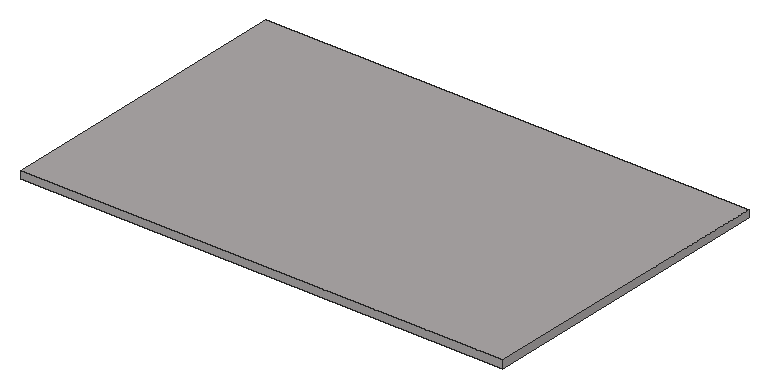
Revit family "Worksurface", category Generic Models, Revit 2012
Parameters (values of type "Worksurface")
  Worksurface Laminate = Worksurface Laminate
  Width = 46"
  URL = "http://www.wengercorp.com/Home/Contact.html"
  Part Number = "241A030.1"
  Model = "GB SHELF WORKSURFACE"
  Manufacturer = "Wenger Corporation"
  Description = "GEARBOSS ATHLETIC SHELVING"
  Depth = 29.25"
Reference planes (in)
  plane 1 "Center (Front/Back)": y = 0
  plane 2: z = 0
  plane 3 "Center (Left/Right)": x = 0
  plane 4: x = -23
  plane 5: x = 23
  plane 6: y = -29.25
Forms (in)
  Extrusion 1, solid, material "Worksurface Laminate" <- "Worksurface Laminate"
    sketch origin (0, 0, 0) x (1, 0, 0) y (0, 1, 0)
      loop
        line (-23, 0) -> (-23, -29.25) -> (23, -29.25) -> (23, 0) -> (-23, 0)
    from 0 to 0.75
Dimensions and locks (in)
  equal spacing: plane 4, plane 3 "Center (Left/Right)", plane 5
  "Width": plane 4 to plane 5
  "Depth": plane 6 to plane 1 "Center (Front/Back)"
  aligned and locked: plane 2 to level
  aligned and locked: plane 1 "Center (Front/Back)" to Extrusion 1 sketch curve
  aligned and locked: plane 4 to Extrusion 1 sketch curve
  aligned and locked: plane 6 to Extrusion 1 sketch curve
  aligned and locked: Extrusion 1 sketch curve to plane 5
